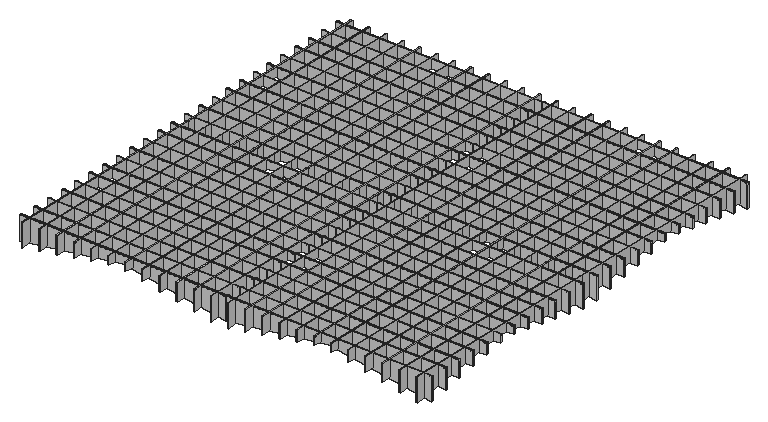
Revit family "CLD-WFL-003_RFA", category Modelos genéricos, Revit 2022
Family settings
  Puede alojar armadura = No
  Cota de conector redondo = Diámetro de uso
  Tipo de pieza = Normal
  Se basa en plano de trabajo = No
  Siempre vertical = Sí
  Corte con vacíos al cargar = No
  Mantener orientación de anotación = No
  Compartido = No
  Punto de cálculo de habitación = No
Parameters
  Elevación por defecto = 0.00"
Reference planes (in)
  plane 1 "Centro (Frontal/Posterior)": y = 0
  plane 2: z = 0
  plane 3 "Centro (Izquierda/Derecha)": x = 0
Forms (in)
  Extrusion 1, solid
    sketch origin (4.14567, 108, 0) x (0, -1, 0) y (0, 0, 1)
      loop
        line (108, 11.82144) -> (0, 11.82144) -> (0, -0.17856) -> (54, 7.82144) -> (108, -0.17856) -> (108, 11.82144)
    from -0.11811 to 0
  Extrusion 2, solid
    sketch origin (4.61811, 108, 0) x (0, -1, 0) y (0, 0, 1)
      loop
        line (108, 11.82144) -> (0, 11.82144) -> (0, -0.17856) -> (54, 7.82144) -> (108, -0.17856) -> (108, 11.82144)
    from -0.11811 to 0.35433
  Extrusion 3, solid
    sketch origin (4.73622, 108, 0) x (0, -1, 0) y (0, 0, 1)
      loop
        line (108, 11.82144) -> (0, 11.82144) -> (0, -0.17856) -> (54, 7.82144) -> (108, -0.17856) -> (108, 11.82144)
    from -0.11811 to 0
  Extrusion 4, solid
    sketch origin (13.14567, 108, 0) x (0, -1, 0) y (0, 0, 1)
      loop
        line (108, 11.82144) -> (0, 11.82144) -> (0, 1.42144) -> (54, 6.22144) -> (108, 1.42144) -> (108, 11.82144)
    from -0.11811 to 0
  Extrusion 5, solid
    sketch origin (13.61811, 108, 0) x (0, -1, 0) y (0, 0, 1)
      loop
        line (108, 11.82144) -> (0, 11.82144) -> (0, 1.42144) -> (54, 6.22144) -> (108, 1.42144) -> (108, 11.82144)
    from -0.11811 to 0.35433
  Extrusion 6, solid
    sketch origin (13.73622, 108, 0) x (0, -1, 0) y (0, 0, 1)
      loop
        line (108, 11.82144) -> (0, 11.82144) -> (0, 1.42144) -> (54, 6.22144) -> (108, 1.42144) -> (108, 11.82144)
    from -0.11811 to 0
  Extrusion 7, solid
    sketch origin (22.14567, 108, 0) x (0, -1, 0) y (0, 0, 1)
      loop
        line (108, 11.82144) -> (0, 11.82144) -> (0, 3.02144) -> (54, 4.62144) -> (108, 3.02144) -> (108, 11.82144)
    from -0.11811 to 0
  Extrusion 8, solid
    sketch origin (22.61811, 108, 0) x (0, -1, 0) y (0, 0, 1)
      loop
        line (108, 11.82144) -> (0, 11.82144) -> (0, 3.02144) -> (54, 4.62144) -> (108, 3.02144) -> (108, 11.82144)
    from -0.11811 to 0.35433
  Extrusion 9, solid, not visible
    sketch origin (4.14567, 108, 0) x (0, -1, 0) y (0, 0, 1)
      loop
        line (108, 11.82144) -> (0, 11.82144) -> (0, -0.17856) -> (54, 7.82144) -> (108, -0.17856) -> (108, 11.82144)
    from -0.11811 to 0
  Extrusion 10, solid, not visible
    sketch origin (4.61811, 108, 0) x (0, -1, 0) y (0, 0, 1)
      loop
        line (108, 11.82144) -> (0, 11.82144) -> (0, -0.17856) -> (54, 7.82144) -> (108, -0.17856) -> (108, 11.82144)
    from -0.11811 to 0.35433
  Extrusion 11, solid, not visible
    sketch origin (4.73622, 108, 0) x (0, -1, 0) y (0, 0, 1)
      loop
        line (108, 11.82144) -> (0, 11.82144) -> (0, -0.17856) -> (54, 7.82144) -> (108, -0.17856) -> (108, 11.82144)
    from -0.11811 to 0
  Extrusion 12, solid, not visible
    sketch origin (13.14567, 108, 0) x (0, -1, 0) y (0, 0, 1)
      loop
        line (108, 11.82144) -> (0, 11.82144) -> (0, 1.42144) -> (54, 6.22144) -> (108, 1.42144) -> (108, 11.82144)
    from -0.11811 to 0
  Extrusion 13, solid, not visible
    sketch origin (13.61811, 108, 0) x (0, -1, 0) y (0, 0, 1)
      loop
        line (108, 11.82144) -> (0, 11.82144) -> (0, 1.42144) -> (54, 6.22144) -> (108, 1.42144) -> (108, 11.82144)
    from -0.11811 to 0.35433
  Extrusion 14, solid, not visible
    sketch origin (13.73622, 108, 0) x (0, -1, 0) y (0, 0, 1)
      loop
        line (108, 11.82144) -> (0, 11.82144) -> (0, 1.42144) -> (54, 6.22144) -> (108, 1.42144) -> (108, 11.82144)
    from -0.11811 to 0
  Extrusion 15, solid
    sketch origin (22.73622, 108, 0) x (0, -1, 0) y (0, 0, 1)
      loop
        line (108, 11.82144) -> (0, 11.82144) -> (0, 3.02144) -> (54, 4.62144) -> (108, 3.02144) -> (108, 11.82144)
    from -0.11811 to 0
  Extrusion 16, solid
    sketch origin (31.14567, 108, 0) x (0, -1, 0) y (0, 0, 1)
      loop
        line (108, 11.82144) -> (0, 11.82144) -> (0, 4.62144) -> (54, 3.02144) -> (108, 4.62144) -> (108, 11.82144)
    from -0.11811 to 0
  Extrusion 17, solid
    sketch origin (31.61811, 108, 0) x (0, -1, 0) y (0, 0, 1)
      loop
        line (108, 11.82144) -> (0, 11.82144) -> (0, 4.62144) -> (54, 3.02144) -> (108, 4.62144) -> (108, 11.82144)
    from -0.11811 to 0.35433
  Extrusion 18, solid
    sketch origin (31.73622, 108, 0) x (0, -1, 0) y (0, 0, 1)
      loop
        line (108, 11.82144) -> (0, 11.82144) -> (0, 4.62144) -> (54, 3.02144) -> (108, 4.62144) -> (108, 11.82144)
    from -0.11811 to 0
  Extrusion 19, solid
    sketch origin (40.14567, 108, 0) x (0, -1, 0) y (0, 0, 1)
      loop
        line (108, 11.82144) -> (0, 11.82144) -> (0, 6.22144) -> (54, 1.42144) -> (108, 6.22144) -> (108, 11.82144)
    from -0.11811 to 0
  Extrusion 20, solid
    sketch origin (40.61811, 108, 0) x (0, -1, 0) y (0, 0, 1)
      loop
        line (108, 11.82144) -> (0, 11.82144) -> (0, 6.22144) -> (54, 1.42144) -> (108, 6.22144) -> (108, 11.82144)
    from -0.11811 to 0.35433
  Extrusion 21, solid
    sketch origin (40.73622, 108, 0) x (0, -1, 0) y (0, 0, 1)
      loop
        line (108, 11.82144) -> (0, 11.82144) -> (0, 6.22144) -> (54, 1.42144) -> (108, 6.22144) -> (108, 11.82144)
    from -0.11811 to 0
  Extrusion 22, solid
    sketch origin (49.14567, 108, 0) x (0, -1, 0) y (0, 0, 1)
      loop
        line (108, 11.82144) -> (0, 11.82144) -> (0, 7.82144) -> (54, -0.17856) -> (108, 7.82144) -> (108, 11.82144)
    from -0.11811 to 0
  Extrusion 23, solid
    sketch origin (49.61811, 108, 0) x (0, -1, 0) y (0, 0, 1)
      loop
        line (108, 11.82144) -> (0, 11.82144) -> (0, 7.82144) -> (54, -0.17856) -> (108, 7.82144) -> (108, 11.82144)
    from -0.11811 to 0.35433
  Extrusion 24, solid
    sketch origin (49.73622, 108, 0) x (0, -1, 0) y (0, 0, 1)
      loop
        line (108, 11.82144) -> (0, 11.82144) -> (0, 7.82144) -> (54, -0.17856) -> (108, 7.82144) -> (108, 11.82144)
    from -0.11811 to 0
  Extrusion 25, solid, not visible
    sketch origin (22.14567, 108, 0) x (0, -1, 0) y (0, 0, 1)
      loop
        line (108, 11.82144) -> (0, 11.82144) -> (0, 3.02144) -> (54, 4.62144) -> (108, 3.02144) -> (108, 11.82144)
    from -0.11811 to 0
  Extrusion 26, solid, not visible
    sketch origin (22.61811, 108, 0) x (0, -1, 0) y (0, 0, 1)
      loop
        line (108, 11.82144) -> (0, 11.82144) -> (0, 3.02144) -> (54, 4.62144) -> (108, 3.02144) -> (108, 11.82144)
    from -0.11811 to 0.35433
  Extrusion 27, solid, not visible
    sketch origin (22.73622, 108, 0) x (0, -1, 0) y (0, 0, 1)
      loop
        line (108, 11.82144) -> (0, 11.82144) -> (0, 3.02144) -> (54, 4.62144) -> (108, 3.02144) -> (108, 11.82144)
    from -0.11811 to 0
  Extrusion 28, solid, not visible
    sketch origin (31.14567, 108, 0) x (0, -1, 0) y (0, 0, 1)
      loop
        line (108, 11.82144) -> (0, 11.82144) -> (0, 4.62144) -> (54, 3.02144) -> (108, 4.62144) -> (108, 11.82144)
    from -0.11811 to 0
  Extrusion 29, solid, not visible
    sketch origin (31.61811, 108, 0) x (0, -1, 0) y (0, 0, 1)
      loop
        line (108, 11.82144) -> (0, 11.82144) -> (0, 4.62144) -> (54, 3.02144) -> (108, 4.62144) -> (108, 11.82144)
    from -0.11811 to 0.35433
  Extrusion 30, solid, not visible
    sketch origin (31.73622, 108, 0) x (0, -1, 0) y (0, 0, 1)
      loop
        line (108, 11.82144) -> (0, 11.82144) -> (0, 4.62144) -> (54, 3.02144) -> (108, 4.62144) -> (108, 11.82144)
    from -0.11811 to 0
  Extrusion 31, solid, not visible
    sketch origin (40.14567, 108, 0) x (0, -1, 0) y (0, 0, 1)
      loop
        line (108, 11.82144) -> (0, 11.82144) -> (0, 6.22144) -> (54, 1.42144) -> (108, 6.22144) -> (108, 11.82144)
    from -0.11811 to 0
  Extrusion 32, solid, not visible
    sketch origin (40.61811, 108, 0) x (0, -1, 0) y (0, 0, 1)
      loop
        line (108, 11.82144) -> (0, 11.82144) -> (0, 6.22144) -> (54, 1.42144) -> (108, 6.22144) -> (108, 11.82144)
    from -0.11811 to 0.35433
  Extrusion 33, solid, not visible
    sketch origin (40.73622, 108, 0) x (0, -1, 0) y (0, 0, 1)
      loop
        line (108, 11.82144) -> (0, 11.82144) -> (0, 6.22144) -> (54, 1.42144) -> (108, 6.22144) -> (108, 11.82144)
    from -0.11811 to 0
  Extrusion 34, solid, not visible
    sketch origin (49.14567, 108, 0) x (0, -1, 0) y (0, 0, 1)
      loop
        line (108, 11.82144) -> (0, 11.82144) -> (0, 7.82144) -> (54, -0.17856) -> (108, 7.82144) -> (108, 11.82144)
    from -0.11811 to 0
  Extrusion 35, solid, not visible
    sketch origin (49.61811, 108, 0) x (0, -1, 0) y (0, 0, 1)
      loop
        line (108, 11.82144) -> (0, 11.82144) -> (0, 7.82144) -> (54, -0.17856) -> (108, 7.82144) -> (108, 11.82144)
    from -0.11811 to 0.35433
  Extrusion 36, solid, not visible
    sketch origin (49.73622, 108, 0) x (0, -1, 0) y (0, 0, 1)
      loop
        line (108, 11.82144) -> (0, 11.82144) -> (0, 7.82144) -> (54, -0.17856) -> (108, 7.82144) -> (108, 11.82144)
    from -0.11811 to 0
  Extrusion 37, solid
    sketch origin (58.14567, 108, 0) x (0, -1, 0) y (0, 0, 1)
      loop
        line (108, 11.82144) -> (0, 11.82144) -> (0, 7.82144) -> (54, -0.17856) -> (108, 7.82144) -> (108, 11.82144)
    from -0.11811 to 0
  Extrusion 38, solid
    sketch origin (58.61811, 108, 0) x (0, -1, 0) y (0, 0, 1)
      loop
        line (108, 11.82144) -> (0, 11.82144) -> (0, 7.82144) -> (54, -0.17856) -> (108, 7.82144) -> (108, 11.82144)
    from -0.11811 to 0.35433
  Extrusion 39, solid
    sketch origin (58.73622, 108, 0) x (0, -1, 0) y (0, 0, 1)
      loop
        line (108, 11.82144) -> (0, 11.82144) -> (0, 7.82144) -> (54, -0.17856) -> (108, 7.82144) -> (108, 11.82144)
    from -0.11811 to 0
  Extrusion 40, solid
    sketch origin (67.14567, 108, 0) x (0, -1, 0) y (0, 0, 1)
      loop
        line (108, 11.82144) -> (0, 11.82144) -> (0, 6.22144) -> (54, 1.42144) -> (108, 6.22144) -> (108, 11.82144)
    from -0.11811 to 0
  Extrusion 41, solid
    sketch origin (67.61811, 108, 0) x (0, -1, 0) y (0, 0, 1)
      loop
        line (108, 11.82144) -> (0, 11.82144) -> (0, 6.22144) -> (54, 1.42144) -> (108, 6.22144) -> (108, 11.82144)
    from -0.11811 to 0.35433
  Extrusion 42, solid
    sketch origin (67.73622, 108, 0) x (0, -1, 0) y (0, 0, 1)
      loop
        line (108, 11.82144) -> (0, 11.82144) -> (0, 6.22144) -> (54, 1.42144) -> (108, 6.22144) -> (108, 11.82144)
    from -0.11811 to 0
  Extrusion 43, solid
    sketch origin (76.14567, 108, 0) x (0, -1, 0) y (0, 0, 1)
      loop
        line (108, 11.82144) -> (0, 11.82144) -> (0, 4.62144) -> (54, 3.02144) -> (108, 4.62144) -> (108, 11.82144)
    from -0.11811 to 0
  Extrusion 44, solid
    sketch origin (76.61811, 108, 0) x (0, -1, 0) y (0, 0, 1)
      loop
        line (108, 11.82144) -> (0, 11.82144) -> (0, 4.62144) -> (54, 3.02144) -> (108, 4.62144) -> (108, 11.82144)
    from -0.11811 to 0.35433
  Extrusion 45, solid
    sketch origin (76.73622, 108, 0) x (0, -1, 0) y (0, 0, 1)
      loop
        line (108, 11.82144) -> (0, 11.82144) -> (0, 4.62144) -> (54, 3.02144) -> (108, 4.62144) -> (108, 11.82144)
    from -0.11811 to 0
  Extrusion 46, solid
    sketch origin (85.14567, 108, 0) x (0, -1, 0) y (0, 0, 1)
      loop
        line (108, 11.82144) -> (0, 11.82144) -> (0, 3.02144) -> (54, 4.62144) -> (108, 3.02144) -> (108, 11.82144)
    from -0.11811 to 0
  Extrusion 47, solid
    sketch origin (85.61811, 108, 0) x (0, -1, 0) y (0, 0, 1)
      loop
        line (108, 11.82144) -> (0, 11.82144) -> (0, 3.02144) -> (54, 4.62144) -> (108, 3.02144) -> (108, 11.82144)
    from -0.11811 to 0.35433
  Extrusion 48, solid
    sketch origin (85.73622, 108, 0) x (0, -1, 0) y (0, 0, 1)
      loop
        line (108, 11.82144) -> (0, 11.82144) -> (0, 3.02144) -> (54, 4.62144) -> (108, 3.02144) -> (108, 11.82144)
    from -0.11811 to 0
  Extrusion 49, solid
    sketch origin (94.14567, 108, 0) x (0, -1, 0) y (0, 0, 1)
      loop
        line (108, 11.82144) -> (0, 11.82144) -> (0, 1.42144) -> (54, 6.22144) -> (108, 1.42144) -> (108, 11.82144)
    from -0.11811 to 0
  Extrusion 50, solid
    sketch origin (94.61811, 108, 0) x (0, -1, 0) y (0, 0, 1)
      loop
        line (108, 11.82144) -> (0, 11.82144) -> (0, 1.42144) -> (54, 6.22144) -> (108, 1.42144) -> (108, 11.82144)
    from -0.11811 to 0.35433
  Extrusion 51, solid
    sketch origin (94.73622, 108, 0) x (0, -1, 0) y (0, 0, 1)
      loop
        line (108, 11.82144) -> (0, 11.82144) -> (0, 1.42144) -> (54, 6.22144) -> (108, 1.42144) -> (108, 11.82144)
    from -0.11811 to 0
  Extrusion 52, solid
    sketch origin (103.14567, 108, 0) x (0, -1, 0) y (0, 0, 1)
      loop
        line (108, 11.82144) -> (0, 11.82144) -> (0, -0.17856) -> (54, 7.82144) -> (108, -0.17856) -> (108, 11.82144)
    from -0.11811 to 0
  Extrusion 53, solid
    sketch origin (103.61811, 108, 0) x (0, -1, 0) y (0, 0, 1)
      loop
        line (108, 11.82144) -> (0, 11.82144) -> (0, -0.17856) -> (54, 7.82144) -> (108, -0.17856) -> (108, 11.82144)
    from -0.11811 to 0.35433
  Extrusion 54, solid
    sketch origin (103.73622, 108, 0) x (0, -1, 0) y (0, 0, 1)
      loop
        line (108, 11.82144) -> (0, 11.82144) -> (0, -0.17856) -> (54, 7.82144) -> (108, -0.17856) -> (108, 11.82144)
    from -0.11811 to 0
  Extrusion 55, solid, not visible
    sketch origin (4.14567, 108, 0) x (0, -1, 0) y (0, 0, 1)
      loop
        line (108, 11.82144) -> (0, 11.82144) -> (0, -0.17856) -> (54, 7.82144) -> (108, -0.17856) -> (108, 11.82144)
    from -0.11811 to 0
  Extrusion 56, solid, not visible
    sketch origin (4.61811, 108, 0) x (0, -1, 0) y (0, 0, 1)
      loop
        line (108, 11.82144) -> (0, 11.82144) -> (0, -0.17856) -> (54, 7.82144) -> (108, -0.17856) -> (108, 11.82144)
    from -0.11811 to 0.35433
  Extrusion 57, solid, not visible
    sketch origin (4.73622, 108, 0) x (0, -1, 0) y (0, 0, 1)
      loop
        line (108, 11.82144) -> (0, 11.82144) -> (0, -0.17856) -> (54, 7.82144) -> (108, -0.17856) -> (108, 11.82144)
    from -0.11811 to 0
  Extrusion 58, solid, not visible
    sketch origin (13.14567, 108, 0) x (0, -1, 0) y (0, 0, 1)
      loop
        line (108, 11.82144) -> (0, 11.82144) -> (0, 1.42144) -> (54, 6.22144) -> (108, 1.42144) -> (108, 11.82144)
    from -0.11811 to 0
  Extrusion 59, solid, not visible
    sketch origin (13.61811, 108, 0) x (0, -1, 0) y (0, 0, 1)
      loop
        line (108, 11.82144) -> (0, 11.82144) -> (0, 1.42144) -> (54, 6.22144) -> (108, 1.42144) -> (108, 11.82144)
    from -0.11811 to 0.35433
  Extrusion 60, solid, not visible
    sketch origin (13.73622, 108, 0) x (0, -1, 0) y (0, 0, 1)
      loop
        line (108, 11.82144) -> (0, 11.82144) -> (0, 1.42144) -> (54, 6.22144) -> (108, 1.42144) -> (108, 11.82144)
    from -0.11811 to 0
  Extrusion 61, solid, not visible
    sketch origin (22.14567, 108, 0) x (0, -1, 0) y (0, 0, 1)
      loop
        line (108, 11.82144) -> (0, 11.82144) -> (0, 3.02144) -> (54, 4.62144) -> (108, 3.02144) -> (108, 11.82144)
    from -0.11811 to 0
  Extrusion 62, solid, not visible
    sketch origin (22.61811, 108, 0) x (0, -1, 0) y (0, 0, 1)
      loop
        line (108, 11.82144) -> (0, 11.82144) -> (0, 3.02144) -> (54, 4.62144) -> (108, 3.02144) -> (108, 11.82144)
    from -0.11811 to 0.35433
  Extrusion 63, solid, not visible
    sketch origin (22.73622, 108, 0) x (0, -1, 0) y (0, 0, 1)
      loop
        line (108, 11.82144) -> (0, 11.82144) -> (0, 3.02144) -> (54, 4.62144) -> (108, 3.02144) -> (108, 11.82144)
    from -0.11811 to 0
  Extrusion 64, solid, not visible
    sketch origin (31.14567, 108, 0) x (0, -1, 0) y (0, 0, 1)
      loop
        line (108, 11.82144) -> (0, 11.82144) -> (0, 4.62144) -> (54, 3.02144) -> (108, 4.62144) -> (108, 11.82144)
    from -0.11811 to 0
  Extrusion 65, solid, not visible
    sketch origin (31.61811, 108, 0) x (0, -1, 0) y (0, 0, 1)
      loop
        line (108, 11.82144) -> (0, 11.82144) -> (0, 4.62144) -> (54, 3.02144) -> (108, 4.62144) -> (108, 11.82144)
    from -0.11811 to 0.35433
  Extrusion 66, solid, not visible
    sketch origin (31.73622, 108, 0) x (0, -1, 0) y (0, 0, 1)
      loop
        line (108, 11.82144) -> (0, 11.82144) -> (0, 4.62144) -> (54, 3.02144) -> (108, 4.62144) -> (108, 11.82144)
    from -0.11811 to 0
  Extrusion 67, solid, not visible
    sketch origin (40.14567, 108, 0) x (0, -1, 0) y (0, 0, 1)
      loop
        line (108, 11.82144) -> (0, 11.82144) -> (0, 6.22144) -> (54, 1.42144) -> (108, 6.22144) -> (108, 11.82144)
    from -0.11811 to 0
  Extrusion 68, solid, not visible
    sketch origin (40.61811, 108, 0) x (0, -1, 0) y (0, 0, 1)
      loop
        line (108, 11.82144) -> (0, 11.82144) -> (0, 6.22144) -> (54, 1.42144) -> (108, 6.22144) -> (108, 11.82144)
    from -0.11811 to 0.35433
  Extrusion 69, solid, not visible
    sketch origin (40.73622, 108, 0) x (0, -1, 0) y (0, 0, 1)
      loop
        line (108, 11.82144) -> (0, 11.82144) -> (0, 6.22144) -> (54, 1.42144) -> (108, 6.22144) -> (108, 11.82144)
    from -0.11811 to 0
  Extrusion 70, solid, not visible
    sketch origin (49.14567, 108, 0) x (0, -1, 0) y (0, 0, 1)
      loop
        line (108, 11.82144) -> (0, 11.82144) -> (0, 7.82144) -> (54, -0.17856) -> (108, 7.82144) -> (108, 11.82144)
    from -0.11811 to 0
  Extrusion 71, solid, not visible
    sketch origin (49.61811, 108, 0) x (0, -1, 0) y (0, 0, 1)
      loop
        line (108, 11.82144) -> (0, 11.82144) -> (0, 7.82144) -> (54, -0.17856) -> (108, 7.82144) -> (108, 11.82144)
    from -0.11811 to 0.35433
  Extrusion 72, solid, not visible
    sketch origin (49.73622, 108, 0) x (0, -1, 0) y (0, 0, 1)
      loop
        line (108, 11.82144) -> (0, 11.82144) -> (0, 7.82144) -> (54, -0.17856) -> (108, 7.82144) -> (108, 11.82144)
    from -0.11811 to 0
  Extrusion 73, solid, not visible
    sketch origin (58.14567, 108, 0) x (0, -1, 0) y (0, 0, 1)
      loop
        line (108, 11.82144) -> (0, 11.82144) -> (0, 7.82144) -> (54, -0.17856) -> (108, 7.82144) -> (108, 11.82144)
    from -0.11811 to 0
  Extrusion 74, solid, not visible
    sketch origin (58.61811, 108, 0) x (0, -1, 0) y (0, 0, 1)
      loop
        line (108, 11.82144) -> (0, 11.82144) -> (0, 7.82144) -> (54, -0.17856) -> (108, 7.82144) -> (108, 11.82144)
    from -0.11811 to 0.35433
  Extrusion 75, solid, not visible
    sketch origin (58.73622, 108, 0) x (0, -1, 0) y (0, 0, 1)
      loop
        line (108, 11.82144) -> (0, 11.82144) -> (0, 7.82144) -> (54, -0.17856) -> (108, 7.82144) -> (108, 11.82144)
    from -0.11811 to 0
  Extrusion 76, solid, not visible
    sketch origin (67.14567, 108, 0) x (0, -1, 0) y (0, 0, 1)
      loop
        line (108, 11.82144) -> (0, 11.82144) -> (0, 6.22144) -> (54, 1.42144) -> (108, 6.22144) -> (108, 11.82144)
    from -0.11811 to 0
  Extrusion 77, solid, not visible
    sketch origin (67.61811, 108, 0) x (0, -1, 0) y (0, 0, 1)
      loop
        line (108, 11.82144) -> (0, 11.82144) -> (0, 6.22144) -> (54, 1.42144) -> (108, 6.22144) -> (108, 11.82144)
    from -0.11811 to 0.35433
  Extrusion 78, solid, not visible
    sketch origin (67.73622, 108, 0) x (0, -1, 0) y (0, 0, 1)
      loop
        line (108, 11.82144) -> (0, 11.82144) -> (0, 6.22144) -> (54, 1.42144) -> (108, 6.22144) -> (108, 11.82144)
    from -0.11811 to 0
  Extrusion 79, solid, not visible
    sketch origin (76.14567, 108, 0) x (0, -1, 0) y (0, 0, 1)
      loop
        line (108, 11.82144) -> (0, 11.82144) -> (0, 4.62144) -> (54, 3.02144) -> (108, 4.62144) -> (108, 11.82144)
    from -0.11811 to 0
  Extrusion 80, solid, not visible
    sketch origin (76.61811, 108, 0) x (0, -1, 0) y (0, 0, 1)
      loop
        line (108, 11.82144) -> (0, 11.82144) -> (0, 4.62144) -> (54, 3.02144) -> (108, 4.62144) -> (108, 11.82144)
    from -0.11811 to 0.35433
  Extrusion 81, solid, not visible
    sketch origin (76.73622, 108, 0) x (0, -1, 0) y (0, 0, 1)
      loop
        line (108, 11.82144) -> (0, 11.82144) -> (0, 4.62144) -> (54, 3.02144) -> (108, 4.62144) -> (108, 11.82144)
    from -0.11811 to 0
  Extrusion 82, solid, not visible
    sketch origin (85.14567, 108, 0) x (0, -1, 0) y (0, 0, 1)
      loop
        line (108, 11.82144) -> (0, 11.82144) -> (0, 3.02144) -> (54, 4.62144) -> (108, 3.02144) -> (108, 11.82144)
    from -0.11811 to 0
  Extrusion 83, solid, not visible
    sketch origin (85.61811, 108, 0) x (0, -1, 0) y (0, 0, 1)
      loop
        line (108, 11.82144) -> (0, 11.82144) -> (0, 3.02144) -> (54, 4.62144) -> (108, 3.02144) -> (108, 11.82144)
    from -0.11811 to 0.35433
  Extrusion 84, solid, not visible
    sketch origin (85.73622, 108, 0) x (0, -1, 0) y (0, 0, 1)
      loop
        line (108, 11.82144) -> (0, 11.82144) -> (0, 3.02144) -> (54, 4.62144) -> (108, 3.02144) -> (108, 11.82144)
    from -0.11811 to 0
  Extrusion 85, solid, not visible
    sketch origin (94.14567, 108, 0) x (0, -1, 0) y (0, 0, 1)
      loop
        line (108, 11.82144) -> (0, 11.82144) -> (0, 1.42144) -> (54, 6.22144) -> (108, 1.42144) -> (108, 11.82144)
    from -0.11811 to 0
  Extrusion 86, solid, not visible
    sketch origin (94.61811, 108, 0) x (0, -1, 0) y (0, 0, 1)
      loop
        line (108, 11.82144) -> (0, 11.82144) -> (0, 1.42144) -> (54, 6.22144) -> (108, 1.42144) -> (108, 11.82144)
    from -0.11811 to 0.35433
  Extrusion 87, solid, not visible
    sketch origin (94.73622, 108, 0) x (0, -1, 0) y (0, 0, 1)
      loop
        line (108, 11.82144) -> (0, 11.82144) -> (0, 1.42144) -> (54, 6.22144) -> (108, 1.42144) -> (108, 11.82144)
    from -0.11811 to 0
  Extrusion 88, solid, not visible
    sketch origin (103.14567, 108, 0) x (0, -1, 0) y (0, 0, 1)
      loop
        line (108, 11.82144) -> (0, 11.82144) -> (0, -0.17856) -> (54, 7.82144) -> (108, -0.17856) -> (108, 11.82144)
    from -0.11811 to 0
  Extrusion 89, solid, not visible
    sketch origin (103.61811, 108, 0) x (0, -1, 0) y (0, 0, 1)
      loop
        line (108, 11.82144) -> (0, 11.82144) -> (0, -0.17856) -> (54, 7.82144) -> (108, -0.17856) -> (108, 11.82144)
    from -0.11811 to 0.35433
  Extrusion 90, solid, not visible
    sketch origin (103.73622, 108, 0) x (0, -1, 0) y (0, 0, 1)
      loop
        line (108, 11.82144) -> (0, 11.82144) -> (0, -0.17856) -> (54, 7.82144) -> (108, -0.17856) -> (108, 11.82144)
    from -0.11811 to 0
  Extrusion 91, solid
    sketch origin (108, 103.85433, 0) x (-1, 0, 0) y (0, 0, 1)
      loop
        line (108, 11.82144) -> (0, 11.82144) -> (0, -0.17856) -> (54, 7.82144) -> (108, -0.17856) -> (108, 11.82144)
    from -0.11811 to 0
  Extrusion 92, solid
    sketch origin (108, 103.38189, 0) x (-1, 0, 0) y (0, 0, 1)
      loop
        line (108, 11.82144) -> (0, 11.82144) -> (0, -0.17856) -> (54, 7.82144) -> (108, -0.17856) -> (108, 11.82144)
    from -0.11811 to 0.35433
  Extrusion 93, solid
    sketch origin (108, 103.26378, 0) x (-1, 0, 0) y (0, 0, 1)
      loop
        line (108, 11.82144) -> (0, 11.82144) -> (0, -0.17856) -> (54, 7.82144) -> (108, -0.17856) -> (108, 11.82144)
    from -0.11811 to 0
  Extrusion 94, solid
    sketch origin (108, 94.85433, 0) x (-1, 0, 0) y (0, 0, 1)
      loop
        line (108, 11.82144) -> (0, 11.82144) -> (0, 1.42144) -> (54, 6.22144) -> (108, 1.42144) -> (108, 11.82144)
    from -0.11811 to 0
  Extrusion 95, solid
    sketch origin (108, 94.38189, 0) x (-1, 0, 0) y (0, 0, 1)
      loop
        line (108, 11.82144) -> (0, 11.82144) -> (0, 1.42144) -> (54, 6.22144) -> (108, 1.42144) -> (108, 11.82144)
    from -0.11811 to 0.35433
  Extrusion 96, solid
    sketch origin (108, 94.26378, 0) x (-1, 0, 0) y (0, 0, 1)
      loop
        line (108, 11.82144) -> (0, 11.82144) -> (0, 1.42144) -> (54, 6.22144) -> (108, 1.42144) -> (108, 11.82144)
    from -0.11811 to 0
  Extrusion 97, solid
    sketch origin (108, 85.85433, 0) x (-1, 0, 0) y (0, 0, 1)
      loop
        line (108, 11.82144) -> (0, 11.82144) -> (0, 3.02144) -> (54, 4.62144) -> (108, 3.02144) -> (108, 11.82144)
    from -0.11811 to 0
  Extrusion 98, solid
    sketch origin (108, 85.38189, 0) x (-1, 0, 0) y (0, 0, 1)
      loop
        line (108, 11.82144) -> (0, 11.82144) -> (0, 3.02144) -> (54, 4.62144) -> (108, 3.02144) -> (108, 11.82144)
    from -0.11811 to 0.35433
  Extrusion 99, solid
    sketch origin (108, 85.26378, 0) x (-1, 0, 0) y (0, 0, 1)
      loop
        line (108, 11.82144) -> (0, 11.82144) -> (0, 3.02144) -> (54, 4.62144) -> (108, 3.02144) -> (108, 11.82144)
    from -0.11811 to 0
  Extrusion 100, solid
    sketch origin (108, 76.85433, 0) x (-1, 0, 0) y (0, 0, 1)
      loop
        line (108, 11.82144) -> (0, 11.82144) -> (0, 4.62144) -> (54, 3.02144) -> (108, 4.62144) -> (108, 11.82144)
    from -0.11811 to 0
  Extrusion 101, solid
    sketch origin (108, 76.38189, 0) x (-1, 0, 0) y (0, 0, 1)
      loop
        line (108, 11.82144) -> (0, 11.82144) -> (0, 4.62144) -> (54, 3.02144) -> (108, 4.62144) -> (108, 11.82144)
    from -0.11811 to 0.35433
  Extrusion 102, solid
    sketch origin (108, 76.26378, 0) x (-1, 0, 0) y (0, 0, 1)
      loop
        line (108, 11.82144) -> (0, 11.82144) -> (0, 4.62144) -> (54, 3.02144) -> (108, 4.62144) -> (108, 11.82144)
    from -0.11811 to 0
  Extrusion 103, solid
    sketch origin (108, 67.85433, 0) x (-1, 0, 0) y (0, 0, 1)
      loop
        line (108, 11.82144) -> (0, 11.82144) -> (0, 6.22144) -> (54, 1.42144) -> (108, 6.22144) -> (108, 11.82144)
    from -0.11811 to 0
  Extrusion 104, solid
    sketch origin (108, 67.38189, 0) x (-1, 0, 0) y (0, 0, 1)
      loop
        line (108, 11.82144) -> (0, 11.82144) -> (0, 6.22144) -> (54, 1.42144) -> (108, 6.22144) -> (108, 11.82144)
    from -0.11811 to 0.35433
  Extrusion 105, solid
    sketch origin (108, 67.26378, 0) x (-1, 0, 0) y (0, 0, 1)
      loop
        line (108, 11.82144) -> (0, 11.82144) -> (0, 6.22144) -> (54, 1.42144) -> (108, 6.22144) -> (108, 11.82144)
    from -0.11811 to 0
  Extrusion 106, solid
    sketch origin (108, 58.85433, 0) x (-1, 0, 0) y (0, 0, 1)
      loop
        line (108, 11.82144) -> (0, 11.82144) -> (0, 7.82144) -> (54, -0.17856) -> (108, 7.82144) -> (108, 11.82144)
    from -0.11811 to 0
  Extrusion 107, solid
    sketch origin (108, 58.38189, 0) x (-1, 0, 0) y (0, 0, 1)
      loop
        line (108, 11.82144) -> (0, 11.82144) -> (0, 7.82144) -> (54, -0.17856) -> (108, 7.82144) -> (108, 11.82144)
    from -0.11811 to 0.35433
  Extrusion 108, solid
    sketch origin (108, 58.26378, 0) x (-1, 0, 0) y (0, 0, 1)
      loop
        line (108, 11.82144) -> (0, 11.82144) -> (0, 7.82144) -> (54, -0.17856) -> (108, 7.82144) -> (108, 11.82144)
    from -0.11811 to 0
  Extrusion 109, solid
    sketch origin (108, 49.85433, 0) x (-1, 0, 0) y (0, 0, 1)
      loop
        line (108, 11.82144) -> (0, 11.82144) -> (0, 7.82144) -> (54, -0.17856) -> (108, 7.82144) -> (108, 11.82144)
    from -0.11811 to 0
  Extrusion 110, solid
    sketch origin (108, 49.38189, 0) x (-1, 0, 0) y (0, 0, 1)
      loop
        line (108, 11.82144) -> (0, 11.82144) -> (0, 7.82144) -> (54, -0.17856) -> (108, 7.82144) -> (108, 11.82144)
    from -0.11811 to 0.35433
  Extrusion 111, solid
    sketch origin (108, 49.26378, 0) x (-1, 0, 0) y (0, 0, 1)
      loop
        line (108, 11.82144) -> (0, 11.82144) -> (0, 7.82144) -> (54, -0.17856) -> (108, 7.82144) -> (108, 11.82144)
    from -0.11811 to 0
  Extrusion 112, solid
    sketch origin (108, 40.85433, 0) x (-1, 0, 0) y (0, 0, 1)
      loop
        line (108, 11.82144) -> (0, 11.82144) -> (0, 6.22144) -> (54, 1.42144) -> (108, 6.22144) -> (108, 11.82144)
    from -0.11811 to 0
  Extrusion 113, solid
    sketch origin (108, 40.38189, 0) x (-1, 0, 0) y (0, 0, 1)
      loop
        line (108, 11.82144) -> (0, 11.82144) -> (0, 6.22144) -> (54, 1.42144) -> (108, 6.22144) -> (108, 11.82144)
    from -0.11811 to 0.35433
  Extrusion 114, solid
    sketch origin (108, 40.26378, 0) x (-1, 0, 0) y (0, 0, 1)
      loop
        line (108, 11.82144) -> (0, 11.82144) -> (0, 6.22144) -> (54, 1.42144) -> (108, 6.22144) -> (108, 11.82144)
    from -0.11811 to 0
  Extrusion 115, solid
    sketch origin (108, 31.85433, 0) x (-1, 0, 0) y (0, 0, 1)
      loop
        line (108, 11.82144) -> (0, 11.82144) -> (0, 4.62144) -> (54, 3.02144) -> (108, 4.62144) -> (108, 11.82144)
    from -0.11811 to 0
  Extrusion 116, solid
    sketch origin (108, 31.38189, 0) x (-1, 0, 0) y (0, 0, 1)
      loop
        line (108, 11.82144) -> (0, 11.82144) -> (0, 4.62144) -> (54, 3.02144) -> (108, 4.62144) -> (108, 11.82144)
    from -0.11811 to 0.35433
  Extrusion 117, solid
    sketch origin (108, 31.26378, 0) x (-1, 0, 0) y (0, 0, 1)
      loop
        line (108, 11.82144) -> (0, 11.82144) -> (0, 4.62144) -> (54, 3.02144) -> (108, 4.62144) -> (108, 11.82144)
    from -0.11811 to 0
  Extrusion 118, solid
    sketch origin (108, 22.85433, 0) x (-1, 0, 0) y (0, 0, 1)
      loop
        line (108, 11.82144) -> (0, 11.82144) -> (0, 3.02144) -> (54, 4.62144) -> (108, 3.02144) -> (108, 11.82144)
    from -0.11811 to 0
  Extrusion 119, solid
    sketch origin (108, 22.38189, 0) x (-1, 0, 0) y (0, 0, 1)
      loop
        line (108, 11.82144) -> (0, 11.82144) -> (0, 3.02144) -> (54, 4.62144) -> (108, 3.02144) -> (108, 11.82144)
    from -0.11811 to 0.35433
  Extrusion 120, solid
    sketch origin (108, 22.26378, 0) x (-1, 0, 0) y (0, 0, 1)
      loop
        line (108, 11.82144) -> (0, 11.82144) -> (0, 3.02144) -> (54, 4.62144) -> (108, 3.02144) -> (108, 11.82144)
    from -0.11811 to 0
  Extrusion 121, solid
    sketch origin (108, 13.85433, 0) x (-1, 0, 0) y (0, 0, 1)
      loop
        line (108, 11.82144) -> (0, 11.82144) -> (0, 1.42144) -> (54, 6.22144) -> (108, 1.42144) -> (108, 11.82144)
    from -0.11811 to 0
  Extrusion 122, solid
    sketch origin (108, 13.38189, 0) x (-1, 0, 0) y (0, 0, 1)
      loop
        line (108, 11.82144) -> (0, 11.82144) -> (0, 1.42144) -> (54, 6.22144) -> (108, 1.42144) -> (108, 11.82144)
    from -0.11811 to 0.35433
  Extrusion 123, solid
    sketch origin (108, 13.26378, 0) x (-1, 0, 0) y (0, 0, 1)
      loop
        line (108, 11.82144) -> (0, 11.82144) -> (0, 1.42144) -> (54, 6.22144) -> (108, 1.42144) -> (108, 11.82144)
    from -0.11811 to 0
  Extrusion 124, solid
    sketch origin (108, 4.85433, 0) x (-1, 0, 0) y (0, 0, 1)
      loop
        line (108, 11.82144) -> (0, 11.82144) -> (0, -0.17856) -> (54, 7.82144) -> (108, -0.17856) -> (108, 11.82144)
    from -0.11811 to 0
  Extrusion 125, solid
    sketch origin (108, 4.38189, 0) x (-1, 0, 0) y (0, 0, 1)
      loop
        line (108, 11.82144) -> (0, 11.82144) -> (0, -0.17856) -> (54, 7.82144) -> (108, -0.17856) -> (108, 11.82144)
    from -0.11811 to 0.35433
  Extrusion 126, solid
    sketch origin (108, 4.26378, 0) x (-1, 0, 0) y (0, 0, 1)
      loop
        line (108, 11.82144) -> (0, 11.82144) -> (0, -0.17856) -> (54, 7.82144) -> (108, -0.17856) -> (108, 11.82144)
    from -0.11811 to 0
  Extrusion 127, solid, not visible
    sketch origin (4.14567, 108, 0) x (0, -1, 0) y (0, 0, 1)
      loop
        line (108, 11.82144) -> (0, 11.82144) -> (0, -0.17856) -> (54, 7.82144) -> (108, -0.17856) -> (108, 11.82144)
    from -0.11811 to 0
  Extrusion 128, solid, not visible
    sketch origin (4.61811, 108, 0) x (0, -1, 0) y (0, 0, 1)
      loop
        line (108, 11.82144) -> (0, 11.82144) -> (0, -0.17856) -> (54, 7.82144) -> (108, -0.17856) -> (108, 11.82144)
    from -0.11811 to 0.35433
  Extrusion 129, solid, not visible
    sketch origin (4.73622, 108, 0) x (0, -1, 0) y (0, 0, 1)
      loop
        line (108, 11.82144) -> (0, 11.82144) -> (0, -0.17856) -> (54, 7.82144) -> (108, -0.17856) -> (108, 11.82144)
    from -0.11811 to 0
  Extrusion 130, solid, not visible
    sketch origin (13.14567, 108, 0) x (0, -1, 0) y (0, 0, 1)
      loop
        line (108, 11.82144) -> (0, 11.82144) -> (0, 1.42144) -> (54, 6.22144) -> (108, 1.42144) -> (108, 11.82144)
    from -0.11811 to 0
  Extrusion 131, solid, not visible
    sketch origin (13.61811, 108, 0) x (0, -1, 0) y (0, 0, 1)
      loop
        line (108, 11.82144) -> (0, 11.82144) -> (0, 1.42144) -> (54, 6.22144) -> (108, 1.42144) -> (108, 11.82144)
    from -0.11811 to 0.35433
  Extrusion 132, solid, not visible
    sketch origin (13.73622, 108, 0) x (0, -1, 0) y (0, 0, 1)
      loop
        line (108, 11.82144) -> (0, 11.82144) -> (0, 1.42144) -> (54, 6.22144) -> (108, 1.42144) -> (108, 11.82144)
    from -0.11811 to 0
  Extrusion 133, solid, not visible
    sketch origin (22.14567, 108, 0) x (0, -1, 0) y (0, 0, 1)
      loop
        line (108, 11.82144) -> (0, 11.82144) -> (0, 3.02144) -> (54, 4.62144) -> (108, 3.02144) -> (108, 11.82144)
    from -0.11811 to 0
  Extrusion 134, solid, not visible
    sketch origin (22.61811, 108, 0) x (0, -1, 0) y (0, 0, 1)
      loop
        line (108, 11.82144) -> (0, 11.82144) -> (0, 3.02144) -> (54, 4.62144) -> (108, 3.02144) -> (108, 11.82144)
    from -0.11811 to 0.35433
  Extrusion 135, solid, not visible
    sketch origin (22.73622, 108, 0) x (0, -1, 0) y (0, 0, 1)
      loop
        line (108, 11.82144) -> (0, 11.82144) -> (0, 3.02144) -> (54, 4.62144) -> (108, 3.02144) -> (108, 11.82144)
    from -0.11811 to 0
  Extrusion 136, solid, not visible
    sketch origin (31.14567, 108, 0) x (0, -1, 0) y (0, 0, 1)
      loop
        line (108, 11.82144) -> (0, 11.82144) -> (0, 4.62144) -> (54, 3.02144) -> (108, 4.62144) -> (108, 11.82144)
    from -0.11811 to 0
  Extrusion 137, solid, not visible
    sketch origin (31.61811, 108, 0) x (0, -1, 0) y (0, 0, 1)
      loop
        line (108, 11.82144) -> (0, 11.82144) -> (0, 4.62144) -> (54, 3.02144) -> (108, 4.62144) -> (108, 11.82144)
    from -0.11811 to 0.35433
  Extrusion 138, solid, not visible
    sketch origin (31.73622, 108, 0) x (0, -1, 0) y (0, 0, 1)
      loop
        line (108, 11.82144) -> (0, 11.82144) -> (0, 4.62144) -> (54, 3.02144) -> (108, 4.62144) -> (108, 11.82144)
    from -0.11811 to 0
  Extrusion 139, solid, not visible
    sketch origin (40.14567, 108, 0) x (0, -1, 0) y (0, 0, 1)
      loop
        line (108, 11.82144) -> (0, 11.82144) -> (0, 6.22144) -> (54, 1.42144) -> (108, 6.22144) -> (108, 11.82144)
    from -0.11811 to 0
  Extrusion 140, solid, not visible
    sketch origin (40.61811, 108, 0) x (0, -1, 0) y (0, 0, 1)
      loop
        line (108, 11.82144) -> (0, 11.82144) -> (0, 6.22144) -> (54, 1.42144) -> (108, 6.22144) -> (108, 11.82144)
    from -0.11811 to 0.35433
  Extrusion 141, solid, not visible
    sketch origin (40.73622, 108, 0) x (0, -1, 0) y (0, 0, 1)
      loop
        line (108, 11.82144) -> (0, 11.82144) -> (0, 6.22144) -> (54, 1.42144) -> (108, 6.22144) -> (108, 11.82144)
    from -0.11811 to 0
  Extrusion 142, solid, not visible
    sketch origin (49.14567, 108, 0) x (0, -1, 0) y (0, 0, 1)
      loop
        line (108, 11.82144) -> (0, 11.82144) -> (0, 7.82144) -> (54, -0.17856) -> (108, 7.82144) -> (108, 11.82144)
    from -0.11811 to 0
  Extrusion 143, solid, not visible
    sketch origin (49.61811, 108, 0) x (0, -1, 0) y (0, 0, 1)
      loop
        line (108, 11.82144) -> (0, 11.82144) -> (0, 7.82144) -> (54, -0.17856) -> (108, 7.82144) -> (108, 11.82144)
    from -0.11811 to 0.35433
  Extrusion 144, solid, not visible
    sketch origin (49.73622, 108, 0) x (0, -1, 0) y (0, 0, 1)
      loop
        line (108, 11.82144) -> (0, 11.82144) -> (0, 7.82144) -> (54, -0.17856) -> (108, 7.82144) -> (108, 11.82144)
    from -0.11811 to 0
  Extrusion 145, solid, not visible
    sketch origin (58.14567, 108, 0) x (0, -1, 0) y (0, 0, 1)
      loop
        line (108, 11.82144) -> (0, 11.82144) -> (0, 7.82144) -> (54, -0.17856) -> (108, 7.82144) -> (108, 11.82144)
    from -0.11811 to 0
  Extrusion 146, solid, not visible
    sketch origin (58.61811, 108, 0) x (0, -1, 0) y (0, 0, 1)
      loop
        line (108, 11.82144) -> (0, 11.82144) -> (0, 7.82144) -> (54, -0.17856) -> (108, 7.82144) -> (108, 11.82144)
    from -0.11811 to 0.35433
  Extrusion 147, solid, not visible
    sketch origin (58.73622, 108, 0) x (0, -1, 0) y (0, 0, 1)
      loop
        line (108, 11.82144) -> (0, 11.82144) -> (0, 7.82144) -> (54, -0.17856) -> (108, 7.82144) -> (108, 11.82144)
    from -0.11811 to 0
  Extrusion 148, solid, not visible
    sketch origin (67.14567, 108, 0) x (0, -1, 0) y (0, 0, 1)
      loop
        line (108, 11.82144) -> (0, 11.82144) -> (0, 6.22144) -> (54, 1.42144) -> (108, 6.22144) -> (108, 11.82144)
    from -0.11811 to 0
  Extrusion 149, solid, not visible
    sketch origin (67.61811, 108, 0) x (0, -1, 0) y (0, 0, 1)
      loop
        line (108, 11.82144) -> (0, 11.82144) -> (0, 6.22144) -> (54, 1.42144) -> (108, 6.22144) -> (108, 11.82144)
    from -0.11811 to 0.35433
  Extrusion 150, solid, not visible
    sketch origin (67.73622, 108, 0) x (0, -1, 0) y (0, 0, 1)
      loop
        line (108, 11.82144) -> (0, 11.82144) -> (0, 6.22144) -> (54, 1.42144) -> (108, 6.22144) -> (108, 11.82144)
    from -0.11811 to 0
  Extrusion 151, solid, not visible
    sketch origin (76.14567, 108, 0) x (0, -1, 0) y (0, 0, 1)
      loop
        line (108, 11.82144) -> (0, 11.82144) -> (0, 4.62144) -> (54, 3.02144) -> (108, 4.62144) -> (108, 11.82144)
    from -0.11811 to 0
  Extrusion 152, solid, not visible
    sketch origin (76.61811, 108, 0) x (0, -1, 0) y (0, 0, 1)
      loop
        line (108, 11.82144) -> (0, 11.82144) -> (0, 4.62144) -> (54, 3.02144) -> (108, 4.62144) -> (108, 11.82144)
    from -0.11811 to 0.35433
  Extrusion 153, solid, not visible
    sketch origin (76.73622, 108, 0) x (0, -1, 0) y (0, 0, 1)
      loop
        line (108, 11.82144) -> (0, 11.82144) -> (0, 4.62144) -> (54, 3.02144) -> (108, 4.62144) -> (108, 11.82144)
    from -0.11811 to 0
  Extrusion 154, solid, not visible
    sketch origin (85.14567, 108, 0) x (0, -1, 0) y (0, 0, 1)
      loop
        line (108, 11.82144) -> (0, 11.82144) -> (0, 3.02144) -> (54, 4.62144) -> (108, 3.02144) -> (108, 11.82144)
    from -0.11811 to 0
  Extrusion 155, solid, not visible
    sketch origin (85.61811, 108, 0) x (0, -1, 0) y (0, 0, 1)
      loop
        line (108, 11.82144) -> (0, 11.82144) -> (0, 3.02144) -> (54, 4.62144) -> (108, 3.02144) -> (108, 11.82144)
    from -0.11811 to 0.35433
  Extrusion 156, solid, not visible
    sketch origin (85.73622, 108, 0) x (0, -1, 0) y (0, 0, 1)
      loop
        line (108, 11.82144) -> (0, 11.82144) -> (0, 3.02144) -> (54, 4.62144) -> (108, 3.02144) -> (108, 11.82144)
    from -0.11811 to 0
  Extrusion 157, solid, not visible
    sketch origin (94.14567, 108, 0) x (0, -1, 0) y (0, 0, 1)
      loop
        line (108, 11.82144) -> (0, 11.82144) -> (0, 1.42144) -> (54, 6.22144) -> (108, 1.42144) -> (108, 11.82144)
    from -0.11811 to 0
  Extrusion 158, solid, not visible
    sketch origin (94.61811, 108, 0) x (0, -1, 0) y (0, 0, 1)
      loop
        line (108, 11.82144) -> (0, 11.82144) -> (0, 1.42144) -> (54, 6.22144) -> (108, 1.42144) -> (108, 11.82144)
    from -0.11811 to 0.35433
  Extrusion 159, solid, not visible
    sketch origin (94.73622, 108, 0) x (0, -1, 0) y (0, 0, 1)
      loop
        line (108, 11.82144) -> (0, 11.82144) -> (0, 1.42144) -> (54, 6.22144) -> (108, 1.42144) -> (108, 11.82144)
    from -0.11811 to 0
  Extrusion 160, solid, not visible
    sketch origin (103.14567, 108, 0) x (0, -1, 0) y (0, 0, 1)
      loop
        line (108, 11.82144) -> (0, 11.82144) -> (0, -0.17856) -> (54, 7.82144) -> (108, -0.17856) -> (108, 11.82144)
    from -0.11811 to 0
  Extrusion 161, solid, not visible
    sketch origin (103.61811, 108, 0) x (0, -1, 0) y (0, 0, 1)
      loop
        line (108, 11.82144) -> (0, 11.82144) -> (0, -0.17856) -> (54, 7.82144) -> (108, -0.17856) -> (108, 11.82144)
    from -0.11811 to 0.35433
  Extrusion 162, solid, not visible
    sketch origin (103.73622, 108, 0) x (0, -1, 0) y (0, 0, 1)
      loop
        line (108, 11.82144) -> (0, 11.82144) -> (0, -0.17856) -> (54, 7.82144) -> (108, -0.17856) -> (108, 11.82144)
    from -0.11811 to 0
  Extrusion 163, solid, not visible
    sketch origin (108, 103.85433, 0) x (-1, 0, 0) y (0, 0, 1)
      loop
        line (108, 11.82144) -> (0, 11.82144) -> (0, -0.17856) -> (54, 7.82144) -> (108, -0.17856) -> (108, 11.82144)
    from -0.11811 to 0
  Extrusion 164, solid, not visible
    sketch origin (108, 103.38189, 0) x (-1, 0, 0) y (0, 0, 1)
      loop
        line (108, 11.82144) -> (0, 11.82144) -> (0, -0.17856) -> (54, 7.82144) -> (108, -0.17856) -> (108, 11.82144)
    from -0.11811 to 0.35433
  Extrusion 165, solid, not visible
    sketch origin (108, 103.26378, 0) x (-1, 0, 0) y (0, 0, 1)
      loop
        line (108, 11.82144) -> (0, 11.82144) -> (0, -0.17856) -> (54, 7.82144) -> (108, -0.17856) -> (108, 11.82144)
    from -0.11811 to 0
  Extrusion 166, solid, not visible
    sketch origin (108, 94.85433, 0) x (-1, 0, 0) y (0, 0, 1)
      loop
        line (108, 11.82144) -> (0, 11.82144) -> (0, 1.42144) -> (54, 6.22144) -> (108, 1.42144) -> (108, 11.82144)
    from -0.11811 to 0
  Extrusion 167, solid, not visible
    sketch origin (108, 94.38189, 0) x (-1, 0, 0) y (0, 0, 1)
      loop
        line (108, 11.82144) -> (0, 11.82144) -> (0, 1.42144) -> (54, 6.22144) -> (108, 1.42144) -> (108, 11.82144)
    from -0.11811 to 0.35433
  Extrusion 168, solid, not visible
    sketch origin (108, 94.26378, 0) x (-1, 0, 0) y (0, 0, 1)
      loop
        line (108, 11.82144) -> (0, 11.82144) -> (0, 1.42144) -> (54, 6.22144) -> (108, 1.42144) -> (108, 11.82144)
    from -0.11811 to 0
  Extrusion 169, solid, not visible
    sketch origin (108, 85.85433, 0) x (-1, 0, 0) y (0, 0, 1)
      loop
        line (108, 11.82144) -> (0, 11.82144) -> (0, 3.02144) -> (54, 4.62144) -> (108, 3.02144) -> (108, 11.82144)
    from -0.11811 to 0
  Extrusion 170, solid, not visible
    sketch origin (108, 85.38189, 0) x (-1, 0, 0) y (0, 0, 1)
      loop
        line (108, 11.82144) -> (0, 11.82144) -> (0, 3.02144) -> (54, 4.62144) -> (108, 3.02144) -> (108, 11.82144)
    from -0.11811 to 0.35433
  Extrusion 171, solid, not visible
    sketch origin (108, 85.26378, 0) x (-1, 0, 0) y (0, 0, 1)
      loop
        line (108, 11.82144) -> (0, 11.82144) -> (0, 3.02144) -> (54, 4.62144) -> (108, 3.02144) -> (108, 11.82144)
    from -0.11811 to 0
  Extrusion 172, solid, not visible
    sketch origin (108, 76.85433, 0) x (-1, 0, 0) y (0, 0, 1)
      loop
        line (108, 11.82144) -> (0, 11.82144) -> (0, 4.62144) -> (54, 3.02144) -> (108, 4.62144) -> (108, 11.82144)
    from -0.11811 to 0
  Extrusion 173, solid, not visible
    sketch origin (108, 76.38189, 0) x (-1, 0, 0) y (0, 0, 1)
      loop
        line (108, 11.82144) -> (0, 11.82144) -> (0, 4.62144) -> (54, 3.02144) -> (108, 4.62144) -> (108, 11.82144)
    from -0.11811 to 0.35433
  Extrusion 174, solid, not visible
    sketch origin (108, 76.26378, 0) x (-1, 0, 0) y (0, 0, 1)
      loop
        line (108, 11.82144) -> (0, 11.82144) -> (0, 4.62144) -> (54, 3.02144) -> (108, 4.62144) -> (108, 11.82144)
    from -0.11811 to 0
  Extrusion 175, solid, not visible
    sketch origin (108, 67.85433, 0) x (-1, 0, 0) y (0, 0, 1)
      loop
        line (108, 11.82144) -> (0, 11.82144) -> (0, 6.22144) -> (54, 1.42144) -> (108, 6.22144) -> (108, 11.82144)
    from -0.11811 to 0
  Extrusion 176, solid, not visible
    sketch origin (108, 67.38189, 0) x (-1, 0, 0) y (0, 0, 1)
      loop
        line (108, 11.82144) -> (0, 11.82144) -> (0, 6.22144) -> (54, 1.42144) -> (108, 6.22144) -> (108, 11.82144)
    from -0.11811 to 0.35433
  Extrusion 177, solid, not visible
    sketch origin (108, 67.26378, 0) x (-1, 0, 0) y (0, 0, 1)
      loop
        line (108, 11.82144) -> (0, 11.82144) -> (0, 6.22144) -> (54, 1.42144) -> (108, 6.22144) -> (108, 11.82144)
    from -0.11811 to 0
  Extrusion 178, solid, not visible
    sketch origin (108, 58.85433, 0) x (-1, 0, 0) y (0, 0, 1)
      loop
        line (108, 11.82144) -> (0, 11.82144) -> (0, 7.82144) -> (54, -0.17856) -> (108, 7.82144) -> (108, 11.82144)
    from -0.11811 to 0
  Extrusion 179, solid, not visible
    sketch origin (108, 58.38189, 0) x (-1, 0, 0) y (0, 0, 1)
      loop
        line (108, 11.82144) -> (0, 11.82144) -> (0, 7.82144) -> (54, -0.17856) -> (108, 7.82144) -> (108, 11.82144)
    from -0.11811 to 0.35433
  Extrusion 180, solid, not visible
    sketch origin (108, 58.26378, 0) x (-1, 0, 0) y (0, 0, 1)
      loop
        line (108, 11.82144) -> (0, 11.82144) -> (0, 7.82144) -> (54, -0.17856) -> (108, 7.82144) -> (108, 11.82144)
    from -0.11811 to 0
  Extrusion 181, solid, not visible
    sketch origin (108, 49.85433, 0) x (-1, 0, 0) y (0, 0, 1)
      loop
        line (108, 11.82144) -> (0, 11.82144) -> (0, 7.82144) -> (54, -0.17856) -> (108, 7.82144) -> (108, 11.82144)
    from -0.11811 to 0
  Extrusion 182, solid, not visible
    sketch origin (108, 49.38189, 0) x (-1, 0, 0) y (0, 0, 1)
      loop
        line (108, 11.82144) -> (0, 11.82144) -> (0, 7.82144) -> (54, -0.17856) -> (108, 7.82144) -> (108, 11.82144)
    from -0.11811 to 0.35433
  Extrusion 183, solid, not visible
    sketch origin (108, 49.26378, 0) x (-1, 0, 0) y (0, 0, 1)
      loop
        line (108, 11.82144) -> (0, 11.82144) -> (0, 7.82144) -> (54, -0.17856) -> (108, 7.82144) -> (108, 11.82144)
    from -0.11811 to 0
  Extrusion 184, solid, not visible
    sketch origin (108, 40.85433, 0) x (-1, 0, 0) y (0, 0, 1)
      loop
        line (108, 11.82144) -> (0, 11.82144) -> (0, 6.22144) -> (54, 1.42144) -> (108, 6.22144) -> (108, 11.82144)
    from -0.11811 to 0
  Extrusion 185, solid, not visible
    sketch origin (108, 40.38189, 0) x (-1, 0, 0) y (0, 0, 1)
      loop
        line (108, 11.82144) -> (0, 11.82144) -> (0, 6.22144) -> (54, 1.42144) -> (108, 6.22144) -> (108, 11.82144)
    from -0.11811 to 0.35433
  Extrusion 186, solid, not visible
    sketch origin (108, 40.26378, 0) x (-1, 0, 0) y (0, 0, 1)
      loop
        line (108, 11.82144) -> (0, 11.82144) -> (0, 6.22144) -> (54, 1.42144) -> (108, 6.22144) -> (108, 11.82144)
    from -0.11811 to 0
  Extrusion 187, solid, not visible
    sketch origin (108, 31.85433, 0) x (-1, 0, 0) y (0, 0, 1)
      loop
        line (108, 11.82144) -> (0, 11.82144) -> (0, 4.62144) -> (54, 3.02144) -> (108, 4.62144) -> (108, 11.82144)
    from -0.11811 to 0
  Extrusion 188, solid, not visible
    sketch origin (108, 31.38189, 0) x (-1, 0, 0) y (0, 0, 1)
      loop
        line (108, 11.82144) -> (0, 11.82144) -> (0, 4.62144) -> (54, 3.02144) -> (108, 4.62144) -> (108, 11.82144)
    from -0.11811 to 0.35433
  Extrusion 189, solid, not visible
    sketch origin (108, 31.26378, 0) x (-1, 0, 0) y (0, 0, 1)
      loop
        line (108, 11.82144) -> (0, 11.82144) -> (0, 4.62144) -> (54, 3.02144) -> (108, 4.62144) -> (108, 11.82144)
    from -0.11811 to 0
  Extrusion 190, solid, not visible
    sketch origin (108, 22.85433, 0) x (-1, 0, 0) y (0, 0, 1)
      loop
        line (108, 11.82144) -> (0, 11.82144) -> (0, 3.02144) -> (54, 4.62144) -> (108, 3.02144) -> (108, 11.82144)
    from -0.11811 to 0
  Extrusion 191, solid, not visible
    sketch origin (108, 22.38189, 0) x (-1, 0, 0) y (0, 0, 1)
      loop
        line (108, 11.82144) -> (0, 11.82144) -> (0, 3.02144) -> (54, 4.62144) -> (108, 3.02144) -> (108, 11.82144)
    from -0.11811 to 0.35433
  Extrusion 192, solid, not visible
    sketch origin (108, 22.26378, 0) x (-1, 0, 0) y (0, 0, 1)
      loop
        line (108, 11.82144) -> (0, 11.82144) -> (0, 3.02144) -> (54, 4.62144) -> (108, 3.02144) -> (108, 11.82144)
    from -0.11811 to 0
  Extrusion 193, solid, not visible
    sketch origin (108, 13.85433, 0) x (-1, 0, 0) y (0, 0, 1)
      loop
        line (108, 11.82144) -> (0, 11.82144) -> (0, 1.42144) -> (54, 6.22144) -> (108, 1.42144) -> (108, 11.82144)
    from -0.11811 to 0
  Extrusion 194, solid, not visible
    sketch origin (108, 13.38189, 0) x (-1, 0, 0) y (0, 0, 1)
      loop
        line (108, 11.82144) -> (0, 11.82144) -> (0, 1.42144) -> (54, 6.22144) -> (108, 1.42144) -> (108, 11.82144)
    from -0.11811 to 0.35433
  Extrusion 195, solid, not visible
    sketch origin (108, 13.26378, 0) x (-1, 0, 0) y (0, 0, 1)
      loop
        line (108, 11.82144) -> (0, 11.82144) -> (0, 1.42144) -> (54, 6.22144) -> (108, 1.42144) -> (108, 11.82144)
    from -0.11811 to 0
  Extrusion 196, solid, not visible
    sketch origin (108, 4.85433, 0) x (-1, 0, 0) y (0, 0, 1)
      loop
        line (108, 11.82144) -> (0, 11.82144) -> (0, -0.17856) -> (54, 7.82144) -> (108, -0.17856) -> (108, 11.82144)
    from -0.11811 to 0
  Extrusion 197, solid, not visible
    sketch origin (108, 4.38189, 0) x (-1, 0, 0) y (0, 0, 1)
      loop
        line (108, 11.82144) -> (0, 11.82144) -> (0, -0.17856) -> (54, 7.82144) -> (108, -0.17856) -> (108, 11.82144)
    from -0.11811 to 0.35433
  Extrusion 198, solid, not visible
    sketch origin (108, 4.26378, 0) x (-1, 0, 0) y (0, 0, 1)
      loop
        line (108, 11.82144) -> (0, 11.82144) -> (0, -0.17856) -> (54, 7.82144) -> (108, -0.17856) -> (108, 11.82144)
    from -0.11811 to 0
  Extrusion 199, solid
    sketch origin (4.14567, 216, 0) x (0, -1, 0) y (0, 0, 1)
      loop
        line (108, 11.82144) -> (0, 11.82144) -> (0, -0.17856) -> (54, 7.82144) -> (108, -0.17856) -> (108, 11.82144)
    from -0.11811 to 0
  Extrusion 200, solid
    sketch origin (4.61811, 216, 0) x (0, -1, 0) y (0, 0, 1)
      loop
        line (108, 11.82144) -> (0, 11.82144) -> (0, -0.17856) -> (54, 7.82144) -> (108, -0.17856) -> (108, 11.82144)
    from -0.11811 to 0.35433
  Extrusion 201, solid
    sketch origin (4.73622, 216, 0) x (0, -1, 0) y (0, 0, 1)
      loop
        line (108, 11.82144) -> (0, 11.82144) -> (0, -0.17856) -> (54, 7.82144) -> (108, -0.17856) -> (108, 11.82144)
    from -0.11811 to 0
  Extrusion 202, solid
    sketch origin (13.14567, 216, 0) x (0, -1, 0) y (0, 0, 1)
      loop
        line (108, 11.82144) -> (0, 11.82144) -> (0, 1.42144) -> (54, 6.22144) -> (108, 1.42144) -> (108, 11.82144)
    from -0.11811 to 0
  Extrusion 203, solid
    sketch origin (13.61811, 216, 0) x (0, -1, 0) y (0, 0, 1)
      loop
        line (108, 11.82144) -> (0, 11.82144) -> (0, 1.42144) -> (54, 6.22144) -> (108, 1.42144) -> (108, 11.82144)
    from -0.11811 to 0.35433
  Extrusion 204, solid
    sketch origin (13.73622, 216, 0) x (0, -1, 0) y (0, 0, 1)
      loop
        line (108, 11.82144) -> (0, 11.82144) -> (0, 1.42144) -> (54, 6.22144) -> (108, 1.42144) -> (108, 11.82144)
    from -0.11811 to 0
  Extrusion 205, solid
    sketch origin (22.14567, 216, 0) x (0, -1, 0) y (0, 0, 1)
      loop
        line (108, 11.82144) -> (0, 11.82144) -> (0, 3.02144) -> (54, 4.62144) -> (108, 3.02144) -> (108, 11.82144)
    from -0.11811 to 0
  Extrusion 206, solid
    sketch origin (22.61811, 216, 0) x (0, -1, 0) y (0, 0, 1)
      loop
        line (108, 11.82144) -> (0, 11.82144) -> (0, 3.02144) -> (54, 4.62144) -> (108, 3.02144) -> (108, 11.82144)
    from -0.11811 to 0.35433
  Extrusion 207, solid
    sketch origin (22.73622, 216, 0) x (0, -1, 0) y (0, 0, 1)
      loop
        line (108, 11.82144) -> (0, 11.82144) -> (0, 3.02144) -> (54, 4.62144) -> (108, 3.02144) -> (108, 11.82144)
    from -0.11811 to 0
  Extrusion 208, solid
    sketch origin (31.14567, 216, 0) x (0, -1, 0) y (0, 0, 1)
      loop
        line (108, 11.82144) -> (0, 11.82144) -> (0, 4.62144) -> (54, 3.02144) -> (108, 4.62144) -> (108, 11.82144)
    from -0.11811 to 0
  Extrusion 209, solid
    sketch origin (31.61811, 216, 0) x (0, -1, 0) y (0, 0, 1)
      loop
        line (108, 11.82144) -> (0, 11.82144) -> (0, 4.62144) -> (54, 3.02144) -> (108, 4.62144) -> (108, 11.82144)
    from -0.11811 to 0.35433
  Extrusion 210, solid
    sketch origin (31.73622, 216, 0) x (0, -1, 0) y (0, 0, 1)
      loop
        line (108, 11.82144) -> (0, 11.82144) -> (0, 4.62144) -> (54, 3.02144) -> (108, 4.62144) -> (108, 11.82144)
    from -0.11811 to 0
  Extrusion 211, solid
    sketch origin (40.14567, 216, 0) x (0, -1, 0) y (0, 0, 1)
      loop
        line (108, 11.82144) -> (0, 11.82144) -> (0, 6.22144) -> (54, 1.42144) -> (108, 6.22144) -> (108, 11.82144)
    from -0.11811 to 0
  Extrusion 212, solid
    sketch origin (40.61811, 216, 0) x (0, -1, 0) y (0, 0, 1)
      loop
        line (108, 11.82144) -> (0, 11.82144) -> (0, 6.22144) -> (54, 1.42144) -> (108, 6.22144) -> (108, 11.82144)
    from -0.11811 to 0.35433
  Extrusion 213, solid
    sketch origin (40.73622, 216, 0) x (0, -1, 0) y (0, 0, 1)
      loop
        line (108, 11.82144) -> (0, 11.82144) -> (0, 6.22144) -> (54, 1.42144) -> (108, 6.22144) -> (108, 11.82144)
    from -0.11811 to 0
  Extrusion 214, solid
    sketch origin (49.14567, 216, 0) x (0, -1, 0) y (0, 0, 1)
      loop
        line (108, 11.82144) -> (0, 11.82144) -> (0, 7.82144) -> (54, -0.17856) -> (108, 7.82144) -> (108, 11.82144)
    from -0.11811 to 0
  Extrusion 215, solid
    sketch origin (49.61811, 216, 0) x (0, -1, 0) y (0, 0, 1)
      loop
        line (108, 11.82144) -> (0, 11.82144) -> (0, 7.82144) -> (54, -0.17856) -> (108, 7.82144) -> (108, 11.82144)
    from -0.11811 to 0.35433
  Extrusion 216, solid
    sketch origin (49.73622, 216, 0) x (0, -1, 0) y (0, 0, 1)
      loop
        line (108, 11.82144) -> (0, 11.82144) -> (0, 7.82144) -> (54, -0.17856) -> (108, 7.82144) -> (108, 11.82144)
    from -0.11811 to 0
  Extrusion 217, solid
    sketch origin (58.14567, 216, 0) x (0, -1, 0) y (0, 0, 1)
      loop
        line (108, 11.82144) -> (0, 11.82144) -> (0, 7.82144) -> (54, -0.17856) -> (108, 7.82144) -> (108, 11.82144)
    from -0.11811 to 0
  Extrusion 218, solid
    sketch origin (58.61811, 216, 0) x (0, -1, 0) y (0, 0, 1)
      loop
        line (108, 11.82144) -> (0, 11.82144) -> (0, 7.82144) -> (54, -0.17856) -> (108, 7.82144) -> (108, 11.82144)
    from -0.11811 to 0.35433
  Extrusion 219, solid
    sketch origin (58.73622, 216, 0) x (0, -1, 0) y (0, 0, 1)
      loop
        line (108, 11.82144) -> (0, 11.82144) -> (0, 7.82144) -> (54, -0.17856) -> (108, 7.82144) -> (108, 11.82144)
    from -0.11811 to 0
  Extrusion 220, solid
    sketch origin (67.14567, 216, 0) x (0, -1, 0) y (0, 0, 1)
      loop
        line (108, 11.82144) -> (0, 11.82144) -> (0, 6.22144) -> (54, 1.42144) -> (108, 6.22144) -> (108, 11.82144)
    from -0.11811 to 0
  Extrusion 221, solid
    sketch origin (67.61811, 216, 0) x (0, -1, 0) y (0, 0, 1)
      loop
        line (108, 11.82144) -> (0, 11.82144) -> (0, 6.22144) -> (54, 1.42144) -> (108, 6.22144) -> (108, 11.82144)
    from -0.11811 to 0.35433
  Extrusion 222, solid
    sketch origin (67.73622, 216, 0) x (0, -1, 0) y (0, 0, 1)
      loop
        line (108, 11.82144) -> (0, 11.82144) -> (0, 6.22144) -> (54, 1.42144) -> (108, 6.22144) -> (108, 11.82144)
    from -0.11811 to 0
